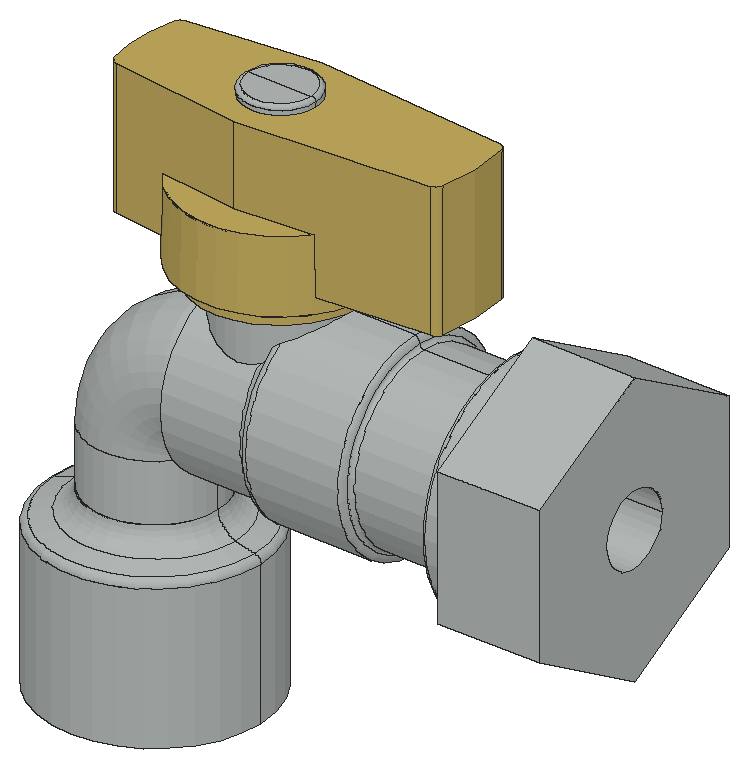
Revit family "QP22100000", category Apparecchi idraulici, Revit 2020
Family settings
  Quota connettore circolare = Usa diametro
  Tipo di parte = Normale
  Numero OmniClass = 23.45.00.00
  Titolo OmniClass = Sanitary, Laundry, and Cleaning Equipment
  Basato su piano di lavoro = No
  Sempre verticale = Sì
  Taglio con vuoti quando caricato = No
  Condiviso = No
  Punto di calcolo locali = No
Parameters
  URL = "https://web.cimberio.com/index.php/figura/145?subcategoria_id=95875"
  Temperatura di esercizio = "-20 ÷ 60°C"
  Prospetto di default = 0 mm
  Produttore = "CIMBERIO SPA"
  Pressione nominale = "MOP 5"
  Modello = "Cim 186"
  Materiale = "Prodotto in lega di ottone conforme alla norma EN 12165-CW617N-DW"
  Descrizione = "Utilizzato nell’impiantistica distributiva di gas a bassa pressione per le categorie:\r\nGas naturali: gas derivati dal petrolio (Metano) e gas di ricambio.\r\nGas di città: prodotti secondo i diversi procedimenti (Cracking - Cokerie - ecc.).\r\nGas liquidi: propano e miscele di gas propano/butano"
  DN Model [instance] = QP22102099 : QP22102099
  DN [instance] = 9 mm
  Commenti sul tipo = "Realizzato in ottemperanza ai requisiti gestionali della norma EN ISO 9001.\r\nCollaudato al 100% secondo la normativa EN 12266-1"
Reference planes
  plane 1 "Centro (Fronte/Retro)": y = 0
  plane 2: z = 0
  plane 3 "Centro (Sinistra/Destra)": x = 0
Dimensions and locks
  aligned and locked: level to plane 2
Nested families
  nested 1: "QP22102099" at (0, 0, 0), type <- "DN Model", type "QP22102099"
  nested 2: "QP22102099" at (0, 0, 0), type <- "DN Model", type "QP22102099"
Connectors
  piping at (45.25, 0, 0), diameter 9, driven by "DN"
    settings: on nested 1, index 1, connector inside diameter 609.6 mm, connector length 0 mm, flow factor 0, pipe flow 0.0 L/s, pressure drop 0.0 Pa, fitting loss kfactor 0, connector angle 0.00°, fixture units 0, engagement length 0 mm, angle of deflection 0.00°, flow configuration 0, flow direction 0, fitting loss method 0, system type 7, joint type 0, gender type 0, connector reference index -1, connector utility 0, adjustable connector no, is connector primary yes, connector description ""
  piping at (-16, 0, -39), diameter 9, driven by "DN"
    settings: on nested 1, index 2, connector inside diameter 609.6 mm, connector length 0 mm, flow factor 0, pipe flow 0.0 L/s, pressure drop 0.0 Pa, fitting loss kfactor 0, connector angle 0.00°, fixture units 0, engagement length 0 mm, angle of deflection 0.00°, flow configuration 0, flow direction 0, fitting loss method 0, system type 7, joint type 0, gender type 0, connector reference index -1, connector utility 0, adjustable connector no, is connector primary no, connector description ""
Definition of nested family "QP22102099"
  Parameters (values of type "QP22102099")
    URL = ""
    Default Elevation = 0 mm
    Manufacturer = ""
    Model = ""
    Description = ""
    Type Comments = ""
  Reference planes
    plane 1 "Centro (Fronte/Retro)": y = 0
    plane 2: z = 0
    plane 3 "Centro (Sinistra/Destra)": x = 0
  Forms (mm)
    Revolve 1, solid
      sketch origin (0.744, 0, 1.406) x (1, 0, 0) y (0, 0, 1)
        loop
          line (11.146, 13.716) -> (10.988, 22.789) -> (-0.448, 22.789) -> (-0.448, 11.85) -> (9.552, 11.85) -> (9.552, 12.795) -> (11.146, 13.716)
        axis (-0.754, 11.85) -> (-0.754, 22.789)
      angle from 0 to 360
    Revolve 2, solid
      sketch origin (0.751, 0, 1.446) x (1, 0, 0) y (0, 0, 1)
        loop
          arc (3.746, 33.15) -> (3.6, 33.504) -> (3.246, 33.65) r 0.5
          line (3.246, 33.65) -> (-0.754, 33.65) -> (-0.754, 31.443) -> (3.746, 31.443) -> (3.746, 33.15)
        axis (-0.754, 33.65) -> (-0.754, 31.443)
      angle from 0 to 360
    Extrusion 3, solid
      sketch origin (1.758, 0, 1.45) x (1, 0, 0) y (0, 1, 0)
        loop
          arc (-19.114, 4.772) -> (-19.758, -0.042) -> (-19.091, -4.852) r 18
          arc (-19.091, -4.852) -> (-18.778, -5.343) -> (-18.244, -5.576) r 1
          line (-18.244, -5.576) -> (-1.755, -7.5) -> (21.908, -5.5)
          arc (21.908, -5.5) -> (22.493, -5.247) -> (22.806, -4.691) r 1
          arc (22.806, -4.691) -> (23.25, 0) -> (22.806, 4.691) r 25
          arc (22.806, 4.691) -> (22.489, 5.25) -> (21.897, 5.501) r 1
          line (21.897, 5.501) -> (-2.38, 7.425) -> (-18.27, 5.5)
          arc (-18.27, 5.5) -> (-18.802, 5.265) -> (-19.114, 4.772) r 1
      from 15.62 to 32.65
    Revolve 4, solid
      sketch origin (1.758, 0, 0) x (1, 0, 0) y (0, 0, 1)
        loop
          line (-0.754, 4.83) -> (7.416, 4.83) -> (7.416, 16.081) -> (-0.754, 16.081) -> (-0.754, 4.83)
        axis (-0.754, 16.081) -> (-0.754, 4.83)
      angle from 0 to 360
    Revolve 5, solid
      sketch origin (0, 0, 0) x (1, 0, 0) y (0, 0, 1)
        loop
          line (30.25, -14.733) -> (32.25, -14.733) -> (32.25, -4.5) -> (-6.523, -4.5) -> (-6.523, -10.983) -> (3.557, -10.983)
          arc (3.557, -10.983) -> (4.268, -11.328) -> (4.711, -11.983) r 1.528
          arc (4.711, -11.983) -> (5.077, -12.349) -> (5.577, -12.483) r 1
          line (5.577, -12.483) -> (17.3, -12.483)
          arc (17.3, -12.483) -> (17.636, -12.081) -> (17.8, -11.583) r 1.391
          arc (17.8, -11.583) -> (17.946, -11.229) -> (18.3, -11.083) r 0.5
          line (18.3, -11.083) -> (29.75, -11.083) -> (29.75, -14.233)
          arc (29.75, -14.233) -> (29.896, -14.587) -> (30.25, -14.733) r 0.5
        axis (-6.523, 0) -> (32.25, 0)
      angle from 0 to 360
    Extrusion 6, solid
      sketch origin (0, 0, 0) x (0, 1, 0) y (0, 0, 1)
        loop
          circle (0, 0) r 4.5
        loop
          line (0, 17.4) -> (-15.069, 8.7) -> (-15.069, -8.7) -> (0, -17.4) -> (15.069, -8.7) -> (15.069, 8.7) -> (0, 17.4)
      from 32.25 to 45.25
    Revolve 7, solid
      sketch origin (0, 0, 0) x (1, 0, 0) y (0, 0, 1)
        loop
          line (-20.5, -16.475) -> (-24.072, -16.475)
          arc (-24.072, -16.475) -> (-24.756, -18.159) -> (-26.286, -19.139) r 3
          line (-26.286, -19.139) -> (-28.759, -19.801)
          arc (-28.759, -19.801) -> (-29.293, -20.159) -> (-29.5, -20.767) r 1
          line (-29.5, -20.767) -> (-29.5, -39) -> (-20.5, -39) -> (-20.5, -16.475)
        axis (-16, -16.475) -> (-16, -39)
      angle from 0 to 360
    Sweep 8, solid
      path origin (0, 0, 0) x (1, 0, 0) y (0, 0, 1)
        loop
          arc (-6.523, 0) -> (-13.208, -2.611) -> (-16, -9.222) r 9.226
          line (-16, -9.222) -> (-16, -16.475)
      profile origin (-16, 0, -12.849) x (0, -1, 0) y (1, 0, 0)
        loop
          circle (0, 0) r 8
        loop
          circle (0, 0) r 4.5
  Dimensions and locks
    aligned and locked: level to plane 2
